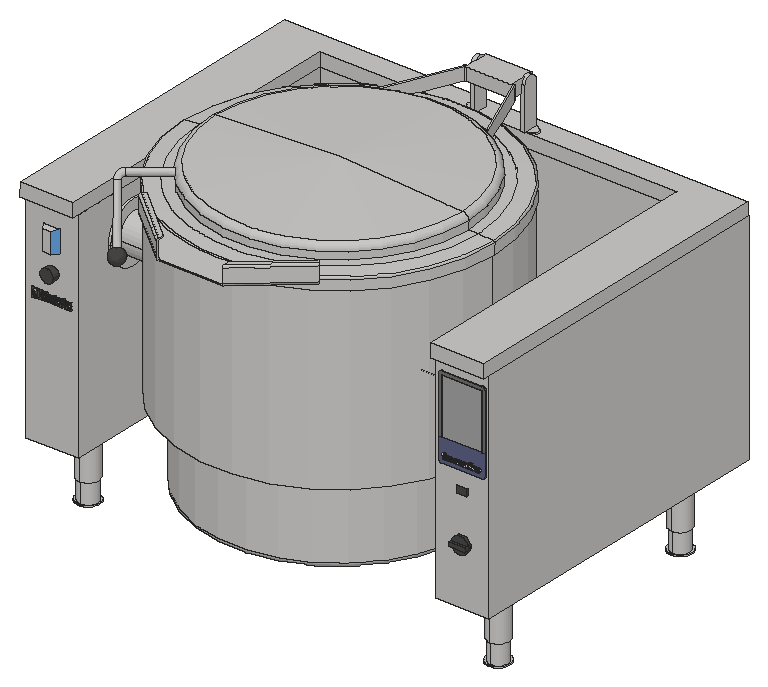
Revit family "QF_ELECTROLUXPROFESSIONAL_587162_PBOT20RDIO", category Attrezzature speciali, Revit 2020
Family settings
  Quota connettore circolare = Usa diametro
  Tipo di parte = Normale
  Basato su piano di lavoro = No
  Sempre verticale = Sì
  Taglio con vuoti quando caricato = No
  Condiviso = No
  Punto di calcolo locali = No
Parameters (values of type "Standard")
  Weight = 400.00 kg
  Watts = 30600 W
  Volts = 440 V
  URL Manufacturer = "https://www.electroluxprofessional.com/"
  URL = "https://www.electroluxprofessional.com/"
  Steam Supply Size = 0 mm
  Steam Supply Minimum Pressure = 0.0 Pa
  Steam Supply Maximum Pressure = 0.0 Pa
  Steam Consumption per Hour = 0
  Refrigeration Suction Line Size = 0.0 mm
  Refrigeration Liquid Line Size = 0.0 mm
  Refrigerant Compressor Remote = yes
  Prospetto di default = 0.0 mm
  Produttore = "Electrolux Professional"
  Phase = 3
  Modello = "PBOT20RDIO"
  Length Actual = 1400.0 mm  # constant formula
  Item Number = "587162"
  Hot Water Size = 12.7 mm
  Height Actual = 700.0 mm  # constant formula
  HP = "41 HP"
  Gas Size = 0 mm
  Gas KW = 0
  Gas Input Pressure = 0 W
  Direct Waste Size = 0 mm
  Descrizione = "ELECTRIC BOILING PAN, PREARR. FOR STIRRER, TILTING,200L,FS,440V,MARINE"
  Depth Actual = 1000.0 mm  # constant formula
  Cycle = 50 Hz
  Condensate Return Size = 0 mm
  Compressed Air Volume = 0.0 L/s
  Compressed Air Size = 0 mm
  Compressed Air Pressure = 0.0 Pa
  Cold Water Size = 12.7 mm
  Accessory = yes
Reference planes
  plane 1 "Center (Front/Back)": y = 0
  plane 2: z = 0
  plane 3 "Center (Left/Right)": x = 0
  plane 4 "LEFT": x = -700
  plane 5 "RIGHT": x = 700
  plane 6 "BACK": y = 500
  plane 7 "FRONT": y = -500
  plane 8 "Base": z = 200
  plane 9 "TOP": z = 900
  plane 10: x = -540
  plane 11: x = 540
  plane 12 "Axe_PentolaY": y = -280
  plane 13 "AxePentolaZ": z = 730
  plane 14 "PLANE_TOP": z = 860
  plane 15: y = 430
  plane 16: x = -465
  plane 17 "PentolaH1": z = 970
  plane 18 "PentolaH2": z = 430
  plane 19 "Pentola_H3": z = 160
  plane 20: x = -405
  plane 21: y = -734
  plane 22 "CentroPentolaY": y = -170
  plane 23 "TopCoperchio": z = 1071
  plane 24 "Versamento": z = 1002
  plane 25 "V1": through (-269.804, -566.187, 4000) normal (-0.7071, -0.7071, 0)
  plane 26 "V2": through (187.211, -659.95, 4000) normal (-0.6561, 0.7547, 0)
  plane 27 "Gfront": y = -1400
  plane 28 "LEVEL": through (-433.899, -446.4, 4000) normal (0.6535, 0.7569, 0)
  plane 29 "GRight": x = 250
  plane 30 "GLeft": x = -250
  plane 31: z = 2047
  plane 32 "Ribaltamento": y = -835
  plane 33: x = -620
  plane 34: x = 620
  plane 35 "AttaccoManiglia": z = 1028
  plane 36 "GBack": y = -200
  plane 37: through (0, -170, 4000) normal (0.6157, -0.788, 0)
Forms (mm)
  Revolve 1, solid, material "QF_Finishes_Stainless Steel"
    sketch origin (0, 0, 730) x (-1, 0, 0) y (0, -1, 0)
      loop
        line (540, 280) -> (-540, 280) -> (-540, 190) -> (-530, 190) -> (-530, 222) -> (530, 222) -> (530, 190) -> (540, 190) -> (540, 280)
      axis (540, 280) -> (-540, 280)
    angle from 0 to 360
  Extrusion 2, solid, material "QF_Finishes_Stainless Steel"
    sketch origin (0, 0, 860) x (-1, 0, 0) y (0, -1, 0)
      loop
        line (700, 500) -> (540, 500) -> (540, -430) -> (-540, -430) -> (-540, 500) -> (-700, 500) -> (-700, -500) -> (700, -500) -> (700, 500)
    from 0 to 40
  Extrusion 3, solid, material "QF_Finishes_Stainless Steel"
    sketch origin (0, 0, 860) x (-1, 0, 0) y (0, -1, 0)
      loop
        line (540, -430) -> (-540, -430) -> (-540, -500) -> (540, -500) -> (540, -430)
    from 0 to -360
  Revolve 4, solid, material "QF_Finishes_Stainless Steel"
    sketch origin (0, -170, 0) x (-1, 0, 0) y (0, 0, 1)
      loop
        line (0, 970) -> (0, 160)
        arc (0, 160) -> (194.987, 166.243) -> (389.172, 184.97) r 3042.07
        arc (389.172, 184.97) -> (400.002, 186.598) -> (405, 196.343) r 12
        line (405, 196.343) -> (405, 430) -> (465, 430) -> (465, 970) -> (0, 970)
      axis (0, 970) -> (0, 160)
    angle from 0 to 360
  Revolve 5, solid, material "QF_Finishes_Stainless Steel"
    sketch origin (0, -170, 0) x (-1, 0, 0) y (0, 0, 1)
      loop
        line (470, 970) -> (470, 1000.417)
        arc (470, 1000.417) -> (468.783, 1004.04) -> (465.626, 1006.193) r 6
        line (465.626, 1006.193) -> (421, 1010) -> (390, 1010) -> (390, 1031.999)
        arc (390, 1031.999) -> (384.849, 1045.397) -> (372.049, 1051.894) r 20
        arc (372.049, 1051.894) -> (186.27, 1066.22) -> (0, 1071) r 3631.929
        line (0, 1071) -> (0, 970) -> (470, 970)
      axis (0, 1071) -> (0, 970)
    angle from 0 to 360
  Extrusion 6, solid, material "QF_Finishes_Stainless Steel"
    sketch origin (0, 0, 1002) x (-1, 0, 0) y (0, -1, 0)
      loop
        line (91.591, 734) -> (-92.97, 734) -> (-268.11, 581.753) -> (-253.963, 565.478)
        arc (-253.963, 565.478) -> (0.647, 640) -> (255.051, 564.777) r 470
        line (255.051, 564.777) -> (268.273, 581.464) -> (91.591, 734)
    from 0 to 3
  Sweep 7, solid, material "QF_Finishes_Stainless Steel"
    path origin (0, 0, 1002) x (-1, 0, 0) y (0, -1, 0)
      loop
        line (-83.331, 750.252) -> (-272.008, 586.237)
    profile origin (177.669, -668.244, 1002) x (-0.656059, 0.75471, 0) y (0, 0, 1)
      loop
        arc (0, 6) -> (1.757, 1.757) -> (6, 0) r 6
        line (6, 0) -> (19, 0) -> (19, 3) -> (6, 3)
        arc (6, 3) -> (3.879, 3.879) -> (3, 6) r 3
        line (3, 6) -> (3, 50)
        arc (3, 50) -> (3.879, 52.121) -> (6, 53) r 3
        line (6, 53) -> (19, 53) -> (19, 56) -> (6, 56)
        arc (6, 56) -> (1.757, 54.243) -> (0, 50) r 6
        line (0, 50) -> (0, 6)
  Extrusion 8, solid, material "QF_Finishes_Stainless Steel"
    sketch origin (0, 0, 0) x (0, 1, 0) y (0, 0, 1)
      loop
        line (470, 900) -> (470, 1026.813)
        arc (470, 1026.813) -> (450, 1046.813) -> (430, 1026.813) r 20
        line (430, 1026.813) -> (430, 900) -> (470, 900)
    from -70 to -82
  Extrusion 9, solid, material "QF_Finishes_Stainless Steel"
    sketch origin (0, 0, 900) x (0, 1, 0) y (-1, 0, 0)
      loop
        arc (391.221, 74.165) -> (393.445, 72.322) -> (394.279, 69.557) r 5
        line (394.279, 69.557) -> (394.279, -69.557)
        arc (394.279, -69.557) -> (393.445, -72.322) -> (391.221, -74.165) r 5
        line (391.221, -74.165) -> (185.222, -160.989) -> (181.486, -168.991) -> (394.012, -78.4)
        arc (394.012, -78.4) -> (397.863, -74.931) -> (399.459, -70) r 10
        line (399.459, -70) -> (470, -70) -> (470, 70) -> (399.459, 70)
        arc (399.459, 70) -> (397.863, 74.931) -> (394.012, 78.4) r 10
        line (394.012, 78.4) -> (182.094, 167.719) -> (184.906, 161.122) -> (391.221, 74.165)
    from 102 to 141.895
  Extrusion 10, solid, material "QF_Finishes_Stainless Steel"
    sketch origin (0, 0, 0) x (0, 1, 0) y (0, 0, 1)
      loop
        line (470, 900) -> (470, 1026.813)
        arc (470, 1026.813) -> (450, 1046.813) -> (430, 1026.813) r 20
        line (430, 1026.813) -> (430, 900) -> (470, 900)
    from 70 to 82
  Extrusion 11, solid, material "QF_Finishes_Stainless Steel"
    sketch origin (0, 0, 900) x (0, 1, 0) y (-1, 0, 0)
      loop
        arc (441.973, -103.927) -> (450, -108.689) -> (458.027, -103.927) r 9.146
        line (458.027, -103.927) -> (470, -82) -> (430, -82) -> (441.973, -103.927)
      loop
        line (441.973, 103.927) -> (430, 82) -> (470, 82) -> (458.027, 103.927)
        arc (458.027, 103.927) -> (450, 108.689) -> (441.973, 103.927) r 9.146
    from 0 to 3
  Extrusion 12, solid, material "QF_Door-Drawer Clearances", detail levels coarse
    sketch origin (0, 0, 0) x (0, 1, 0) y (0, 0, 1)
      loop
        line (-734, 1008) -> (-734, 1058)
        arc (-734, 1058) -> (-830.288, 669.084) -> (-635, 319.241) r 545.673
        line (-635, 319.241) -> (-635, 970) -> (-640, 970) -> (-640, 1002) -> (-729.757, 1002)
        spline (-729.757, 1002) -> (-730.311, 1002.051) -> (-730.855, 1002.204) -> (-731.381, 1002.457) -> (-731.879, 1002.804) -> (-732.34, 1003.24) -> (-732.757, 1003.757) -> (-733.123, 1004.347) -> (-733.432, 1005) -> (-733.677, 1005.704) -> (-733.855, 1006.447) -> (-733.964, 1007.217) -> (-734, 1008)
    from -100 to 100
  Extrusion 13, void
    sketch origin (0, 0, 1002) x (-1, 0, 0) y (0, -1, 0)
      loop
        line (-100, 734) -> (100, 734) -> (100, 751.601) -> (-100, 751.601) -> (-100, 734)
    from 0 to 71
  Extrusion 14, solid, material "QF_Door-Drawer Clearances", detail levels coarse
    sketch origin (0, 0, 0) x (0, 1, 0) y (0, 0, 1)
      loop
        line (470, 1026.813) -> (470, 1056.062) -> (390.735, 1353.963)
        arc (390.735, 1353.963) -> (344.187, 1589.928) -> (267.311, 1817.823) r 1843.263
        line (267.311, 1817.823) -> (206.507, 2046.341)
        arc (206.507, 2046.341) -> (-460.593, 1748.224) -> (-734, 1070.62) r 976.38
        line (-734, 1070.62) -> (-734, 1056.062) -> (-450, 1056.062)
        arc (-450, 1056.062) -> (-169.5, 1072.082) -> (111, 1056.062) r 2463.707
        line (111, 1056.062) -> (220, 1056.062) -> (220, 1012.644) -> (430, 1012.644) -> (430, 1026.813)
        arc (430, 1026.813) -> (450, 1046.813) -> (470, 1026.813) r 20
    from -100 to 100
  Sweep 15, solid, material "QF_Finishes_Stainless Steel"
    path origin (0, 0, 1002) x (1, 0, 0) y (0, -1, 0)
      loop
        line (-83.331, 750.252) -> (-272.008, 586.237)
    profile origin (-177.669, -668.244, 1002) x (-0.656059, -0.75471, 0) y (0, 0, 1)
      loop
        line (0, 6) -> (0, 50)
        arc (0, 50) -> (-1.757, 54.243) -> (-6, 56) r 6
        line (-6, 56) -> (-19, 56) -> (-19, 53) -> (-6, 53)
        arc (-6, 53) -> (-3.879, 52.121) -> (-3, 50) r 3
        line (-3, 50) -> (-3, 6)
        arc (-3, 6) -> (-3.879, 3.879) -> (-6, 3) r 3
        line (-6, 3) -> (-19, 3) -> (-19, 0) -> (-6, 0)
        arc (-6, 0) -> (-1.757, 1.757) -> (0, 6) r 6
  Extrusion 16, void
    sketch origin (0, 0, 1002) x (-1, 0, 0) y (0, -1, 0)
      loop
        line (100, 710.586) -> (100, 733.997) -> (-100, 733.997) -> (-100, 710.586) -> (100, 710.586)
    from 0 to 56
Cuts and joins
  Extrusion 13 cuts Extrusion 6
  Extrusion 13, Extrusion 16 cuts Sweep 7
  Extrusion 13, Extrusion 16 cuts Sweep 15
  joined: Extrusion 6, Sweep 7, Sweep 15
  Extrusion 13 cuts Extrusion 12
Lines and regions (mm)
  symbolic lines
    curve 1: line (700, 500, 900) -> (-700, 500, 900)
    curve 2: line (700, -500, 900) -> (700, 500, 900)
    curve 3: line (-700, 500, 900) -> (-700, -500, 900)
    curve 4: line (-700, -500, 900) -> (-540, -500, 900)
    curve 5: line (-540, -500, 900) -> (-540, 430, 900)
    curve 6: line (540, 430, 900) -> (540, -500, 900)
    curve 7: line (540, -500, 900) -> (700, -500, 900)
    curve 8: line (-530, -190, 900) -> (-530, -370, 900)
    curve 9: line (-530, -190, 900) -> (-540, -190, 900)
    curve 10: line (-530, -370, 900) -> (-540, -370, 900)
    curve 11: line (530, -190, 900) -> (540, -190, 900)
    curve 12: line (530, -370, 900) -> (540, -370, 900)
    curve 13: line (-70, 399.459, 900) -> (-70, 470, 900)
    curve 14: line (-82, 470, 900) -> (82, 470, 900)
    curve 15: line (70, 470, 900) -> (70, 399.459, 900)
    curve 16: line (272.008, -586.237, 900) -> (102.026, -734, 900)
    curve 17: line (-103.927, 441.973, 900) -> (-82, 430, 900)
    curve 18: arc (-103.927, 458.027, 900) -> (-108.689, 450, 900) -> (-103.927, 441.973, 900) r 9.146
    curve 19: line (-82, 470, 900) -> (-103.927, 458.027, 900)
    curve 20: line (-82, 470, 900) -> (-82, 430, 900)
    curve 21: line (82, 430, 900) -> (82, 470, 900)
    curve 22: line (103.927, 458.027, 900) -> (82, 470, 900)
    curve 23: arc (103.927, 441.973, 900) -> (108.689, 450, 900) -> (103.927, 458.027, 900) r 9.146
    curve 24: line (82, 430, 900) -> (103.927, 441.973, 900)
    curve 29: line (-540, 430, 900) -> (-70, 430, 900)
    curve 30: line (540, 430, 900) -> (70, 430, 900)
    curve 31: line (-530, -222, 900) -> (-467.115, -222, 900)
    curve 32: line (-530, -338, 900) -> (-438.949, -338, 900)
    curve 33: line (530, -222, 900) -> (466.676, -222, 900)
    curve 53: line (530, -338, 900) -> (439.209, -338, 900)
    curve 55: line (530, -370, 1002) -> (530, -190, 1002)
    curve 56: circle (0, -170, 1002) r 427.847 normal (0, 0, 1)
    curve 57: arc (-70, 399.459, 1002) -> (-74.931, 397.863, 1002) -> (-78.4, 394.012, 1002) r 10
    curve 58: arc (-74.165, 391.221, 1002) -> (-72.322, 393.445, 1002) -> (-69.557, 394.279, 1002) r 5
    curve 59: arc (69.557, 394.279, 1002) -> (72.322, 393.445, 1002) -> (74.165, 391.221, 1002) r 5
    curve 60: arc (78.4, 394.012, 1002) -> (74.931, 397.863, 1002) -> (70, 399.459, 1002) r 10
    curve 61: line (-69.557, 394.279, 1002) -> (69.557, 394.279, 1002)
    curve 62: line (-160.989, 185.222, 1002) -> (-74.165, 391.221, 1002)
    curve 63: line (-78.4, 394.012, 1002) -> (-167.719, 182.094, 1002)
    curve 64: line (74.165, 391.221, 1002) -> (160.989, 185.222, 1002)
    curve 65: line (168.991, 181.486, 1002) -> (78.4, 394.012, 1002)
    curve 66: arc (470, -170, 1002) -> (0, 300, 1002) -> (-470, -170, 1002) r 470
    curve 67: circle (0, -170, 1002) r 390 normal (0, 0, 1)
    curve 68: arc (-470, -170, 1002) -> (-445.318, -320.307, 1002) -> (-373.864, -454.826, 1002) r 470
    curve 69: line (-255.051, -564.777, 1002) -> (-272.008, -586.237, 1002)
    curve 70: line (272.008, -586.237, 1002) -> (253.963, -565.478, 1002)
    curve 71: line (-272.008, -586.237, 1002) -> (-100, -734.738, 1002)
    curve 72: line (-260.216, -571.313, 1002) -> (-100, -710.586, 1002)
    curve 73: line (259.543, -571.897, 1002) -> (100, -710.586, 1002)
    curve 74: line (-100, -710.586, 1002) -> (-100, -734.738, 1002)
    curve 75: line (100, -710.586, 1002) -> (100, -733.997, 1002)
    curve 76: arc (-362.785, -468.809, 1002) -> (158.731, -612.385, 1002) -> (470, -170, 1002) r 470
  symbolic lines, style "SpecialityEquipmentHiddenLines"
    curve 25: line (-250, -1400, 900) -> (250, -1400, 900)
    curve 26: line (-250, -200, 900) -> (-250, -1400, 900)
    curve 27: line (250, -1400, 900) -> (250, -200, 900)
    curve 50: line (0, -1265.484, 900) -> (0, -1235.484, 900)
    curve 51: line (-15, -1250.484, 900) -> (15, -1250.484, 900)
    curve 54: line (250, -200, 1002) -> (-250, -200, 1002)
  symbolic lines, style "SpecialityEquipment"
    curve 28: circle (0, -1250.484, 900) r 15 normal (0, 0, 1)
    curve 34: line (210, -1400, 900) -> (210, -1200, 900)
    curve 35: line (170, -1400, 900) -> (170, -1240, 900)
    curve 36: line (130, -1400, 900) -> (130, -1280, 900)
    curve 37: line (90, -1400, 900) -> (90, -1320, 900)
    curve 38: line (90, -1360, 900) -> (250, -1360, 900)
    curve 39: line (130, -1320, 900) -> (250, -1320, 900)
    curve 40: line (170, -1280, 900) -> (250, -1280, 900)
    curve 41: line (210, -1240, 900) -> (250, -1240, 900)
    curve 42: line (-210, -1400, 900) -> (-210, -1200, 900)
    curve 43: line (-170, -1400, 900) -> (-170, -1240, 900)
    curve 44: line (-130, -1400, 900) -> (-130, -1280, 900)
    curve 45: line (-90, -1400, 900) -> (-90, -1320, 900)
    curve 46: line (-90, -1360, 900) -> (-250, -1360, 900)
    curve 47: line (-130, -1320, 900) -> (-250, -1320, 900)
    curve 48: line (-170, -1280, 900) -> (-250, -1280, 900)
    curve 49: line (-210, -1240, 900) -> (-250, -1240, 900)
    curve 52: line (-100.772, -734, 900) -> (102.026, -734, 900)
Dimensions and locks
  plane 4 "LEFT" to plane 5 "RIGHT" = 1400.0 mm
  equal spacing: plane 4 "LEFT", plane 3 "Center (Left/Right)", plane 5 "RIGHT"
  equal spacing: plane 6 "BACK", plane 1 "Center (Front/Back)", plane 7 "FRONT"
  plane 6 "BACK" to plane 7 "FRONT" = 1000.0 mm
  plane 8 "Base" to level = 200.0 mm
  plane 9 "TOP" to level = 900.0 mm
  plane 9 "TOP" to plane 8 "Base" = 700.0 mm
  locked: plane 4 "LEFT" to plane 10 at 160
  locked: plane 11 to plane 5 "RIGHT" at 160
  locked: plane 6 "BACK" to plane 12 "Axe_PentolaY" at 780
  locked: plane 13 "AxePentolaZ" to plane 8 "Base" at 530
  locked: Revolve 1 sketch curve to Revolve 1 sketch curve at 58
  locked: Revolve 1 sketch curve to Revolve 1 sketch curve at 90
  locked: plane 10 to Revolve 1 sketch curve at 10
  locked: Revolve 1 sketch curve to plane 11 at 10
  locked: plane 9 "TOP" to plane 14 "PLANE_TOP" at 40
  plane 6 "BACK" to plane 15 = 70.0 mm
  locked: plane 17 "PentolaH1" to plane 13 "AxePentolaZ" at 240
  locked: plane 13 "AxePentolaZ" to plane 18 "PentolaH2" at 300
  locked: plane 18 "PentolaH2" to plane 19 "Pentola_H3" at 270
  locked: plane 3 "Center (Left/Right)" to plane 16 at 465
  locked: plane 3 "Center (Left/Right)" to plane 20 at 405
  Revolve 5 sketch curve to plane 17 "PentolaH1" = 40.0 mm
  locked: plane 16 to Revolve 5 sketch curve at 5
  plane 6 "BACK" to plane 21 = 1234.0 mm
  locked: plane 6 "BACK" to plane 22 "CentroPentolaY" at 670
  locked: plane 23 "TopCoperchio" to plane 9 "TOP" at 171
  locked: plane 24 "Versamento" to level at 1002
  plane 6 "BACK" to plane 27 "Gfront" = 1900.0 mm
  locked: plane 30 "GLeft" to plane 3 "Center (Left/Right)" at 250
  locked: plane 3 "Center (Left/Right)" to plane 29 "GRight" at 250
  plane 31 to plane 9 "TOP" = 1147.0 mm
  plane 6 "BACK" to plane 32 "Ribaltamento" = 1335.0 mm
  equal spacing: plane 10, plane 33, plane 4 "LEFT"
  equal spacing: plane 5 "RIGHT", plane 34, plane 11
  locked: plane 35 "AttaccoManiglia" to level at 1028
  plane 6 "BACK" to plane 36 "GBack" = 700.0 mm
  aligned and locked: level to plane 2
  aligned and locked: plane 5 "RIGHT" to nested 2
  aligned and locked: plane 4 "LEFT" to nested 1
  aligned and locked: plane 8 "Base" to nested 1
  aligned and locked: plane 8 "Base" to nested 2
  aligned and locked: plane 6 "BACK" to nested 2
  aligned and locked: plane 6 "BACK" to nested 1
  aligned and locked: plane 10 to Revolve 1 sketch curve
  aligned and locked: plane 11 to Revolve 1 sketch curve
  aligned and locked: plane 4 "LEFT" to Extrusion 2 sketch curve
  aligned and locked: Extrusion 2 sketch curve to plane 10
  aligned and locked: plane 7 "FRONT" to Extrusion 2 sketch curve  (x2)
  aligned and locked: Extrusion 2 sketch curve to plane 5 "RIGHT"
  aligned and locked: plane 11 to Extrusion 2 sketch curve
  aligned and locked: Extrusion 2 sketch curve to plane 6 "BACK"
  aligned and locked: plane 15 to Extrusion 2 sketch curve
  aligned and locked: Extrusion 3 sketch curve to plane 10
  aligned and locked: plane 6 "BACK" to Extrusion 3 sketch curve
  aligned and locked: plane 11 to Extrusion 3 sketch curve
  aligned and locked: Extrusion 3 sketch curve to plane 15
  aligned and locked: plane 3 "Center (Left/Right)" to Revolve 4 sketch curve
  aligned and locked: Revolve 4 sketch curve to plane 20
  aligned and locked: Revolve 4 sketch curve to plane 18 "PentolaH2"
  aligned and locked: Revolve 4 sketch curve to plane 16
  aligned and locked: plane 17 "PentolaH1" to Revolve 4 sketch curve
  aligned and locked: Revolve 5 sketch curve to plane 17 "PentolaH1"
  aligned and locked: Extrusion 8 sketch curve to plane 15
  aligned and locked: Extrusion 8 sketch curve to Extrusion 2
  aligned and locked: curve 25 to plane 27 "Gfront"
  aligned and locked: curve 26 to plane 30 "GLeft"
  aligned and locked: plane 29 "GRight" to curve 27
  aligned and locked: plane 33 to nested 3
  aligned and locked: plane 34 to nested 4
  aligned and locked: plane 36 "GBack" to curve 54
Automatic sketch dimensions
  plane 12 "Axe_PentolaY" to Revolve 1 sketch curve = 0.0 mm
  Revolve 1 sketch curve to plane 12 "Axe_PentolaY" = 0.0 mm
  plane 36 "GBack" to Revolve 1 sketch curve = 10.0 mm
  plane 5 "RIGHT" to Revolve 1 sketch curve = 432.098 mm
  Revolve 1 sketch curve to plane 4 "LEFT" = 580.148 mm
  Revolve 4 sketch curve to plane 3 "Center (Left/Right)" = 0.0 mm
  Revolve 4 sketch curve to plane 19 "Pentola_H3" = 0.0 mm
  Revolve 4 sketch curve to plane 3 "Center (Left/Right)" = 0.201 mm
  Revolve 4 sketch curve to plane 8 "Base" = 3.657 mm
  Revolve 4 sketch curve to Revolve 4 sketch curve = 12.0 mm
  plane 31 to Revolve 4 sketch curve = 1155.07 mm
  level to Revolve 4 sketch curve = 60.0 mm
  plane 23 "TopCoperchio" to Revolve 4 sketch curve = 179.0 mm
  Extrusion 6 sketch curve to plane 21 = 0.0 mm
  Extrusion 6 sketch curve to plane 3 "Center (Left/Right)" = 0.0 mm
  plane 28 "LEVEL" to Extrusion 6 sketch curve = 6.0 mm  (x2)
  Extrusion 6 sketch curve to plane 22 "CentroPentolaY" = 0.0 mm
  plane 3 "Center (Left/Right)" to Extrusion 6 sketch curve = 92.97 mm
  plane 29 "GRight" to Extrusion 6 sketch curve = 3.963 mm
  plane 29 "GRight" to Extrusion 6 sketch curve = 18.11 mm
  Extrusion 6 sketch curve to plane 30 "GLeft" = 5.051 mm
  Extrusion 6 sketch curve to plane 30 "GLeft" = 18.273 mm
  Extrusion 6 sketch curve to Extrusion 6 sketch curve = 16.687 mm
  Sweep 7 sketch curve to plane 26 "V2" = 0.0 mm  (x2)
  plane 29 "GRight" to Sweep 7 sketch curve = 22.008 mm
  Sweep 7 sketch curve to plane 21 = 16.252 mm
  Sweep 7 sketch curve to Sweep 7 sketch curve = 0.0 mm  (x4)
  Sweep 7 sketch curve to profile plane = 0.0 mm
  plane 24 "Versamento" to Sweep 7 sketch curve = 0.0 mm
  Sweep 7 sketch curve to Sweep 7 sketch curve = 3.0 mm  (x2)
  Sweep 7 sketch curve to profile plane = 6.0 mm
  Sweep 7 sketch curve to Sweep 7 sketch curve = 13.0 mm  (x2)
  Sweep 7 sketch curve to Sweep 7 sketch curve = 44.0 mm
  Extrusion 8 sketch curve to plane 35 "AttaccoManiglia" = 1.187 mm
  Extrusion 8 sketch curve to Extrusion 8 sketch curve = 20.0 mm
  Extrusion 10 sketch curve to plane 9 "TOP" = 0.0 mm
  Extrusion 10 sketch curve to plane 15 = 0.0 mm
  Extrusion 10 sketch curve to plane 35 "AttaccoManiglia" = 1.187 mm
  Extrusion 10 sketch curve to Extrusion 10 sketch curve = 20.0 mm
  Extrusion 11 sketch curve to plane 15 = 0.0 mm  (x2)
  plane 15 to Extrusion 11 sketch curve = 11.973 mm  (x2)
  Extrusion 11 sketch curve to Extrusion 11 sketch curve = 8.027 mm  (x4)
  Extrusion 11 sketch curve to Extrusion 11 sketch curve = 11.973 mm  (x2)
  plane 3 "Center (Left/Right)" to Extrusion 11 sketch curve = 103.927 mm
  Extrusion 11 sketch curve to Extrusion 11 sketch curve = 4.383 mm  (x2)
  Extrusion 11 sketch curve to Extrusion 11 sketch curve = 21.927 mm
  Extrusion 11 sketch curve to plane 3 "Center (Left/Right)" = 82.0 mm
  Extrusion 11 sketch curve to Extrusion 11 sketch curve = 17.543 mm
  Extrusion 13 sketch curve to plane 21 = 0.0 mm
  plane 26 "V2" to Extrusion 13 sketch curve = 132.541 mm
  Extrusion 13 sketch curve to plane 25 "V1" = 142.829 mm
  Extrusion 13 sketch curve to plane 21 = 17.601 mm
  plane 30 "GLeft" to Sweep 15 sketch curve = 22.008 mm
  plane 7 "FRONT" to Sweep 15 sketch curve = 86.237 mm
  plane 21 to Sweep 15 sketch curve = 16.252 mm
  plane 3 "Center (Left/Right)" to Sweep 15 sketch curve = 83.331 mm
  Sweep 15 sketch curve to Sweep 15 sketch curve = 0.0 mm  (x4)
  plane 24 "Versamento" to Sweep 15 sketch curve = 0.0 mm
  Sweep 15 sketch curve to profile plane = 0.0 mm
  profile plane to Sweep 15 sketch curve = 3.0 mm
  Sweep 15 sketch curve to Sweep 15 sketch curve = 3.0 mm  (x2)
  Sweep 15 sketch curve to Sweep 15 sketch curve = 13.0 mm  (x2)
  Sweep 15 sketch curve to Sweep 15 sketch curve = 44.0 mm
  Revolve 5 sketch curve to plane 3 "Center (Left/Right)" = 0.0 mm  (x2)
  Revolve 5 sketch curve to plane 23 "TopCoperchio" = 0.0 mm
  plane 35 "AttaccoManiglia" to Revolve 5 sketch curve = 3.999 mm
  plane 20 to Revolve 5 sketch curve = 35.0 mm
  plane 20 to Revolve 5 sketch curve = 15.0 mm
  Revolve 5 sketch curve to plane 20 = 16.0 mm
  plane 16 to Revolve 5 sketch curve = 1.0 mm
  Revolve 5 sketch curve to plane 16 = 0.626 mm
  Revolve 5 sketch curve to level = 2560.929 mm
  Revolve 5 sketch curve to plane 24 "Versamento" = 1.583 mm
  Revolve 5 sketch curve to plane 18 "PentolaH2" = 95.0 mm
  Revolve 5 sketch curve to Revolve 5 sketch curve = 179.0 mm
  plane 30 "GLeft" to Extrusion 9 sketch curve = 82.281 mm
  Extrusion 9 sketch curve to plane 1 "Center (Front/Back)" = 182.094 mm
  plane 30 "GLeft" to Extrusion 9 sketch curve = 88.878 mm
  Extrusion 9 sketch curve to Extrusion 9 sketch curve = 2.812 mm
  Extrusion 9 sketch curve to plane 15 = 40.721 mm  (x2)
  Extrusion 9 sketch curve to Extrusion 9 sketch curve = 0.194 mm  (x2)
  Extrusion 9 sketch curve to Extrusion 9 sketch curve = 1.748 mm  (x2)
  Extrusion 9 sketch curve to Extrusion 9 sketch curve = 2.792 mm  (x2)
  Extrusion 9 sketch curve to Extrusion 9 sketch curve = 4.806 mm
  Extrusion 9 sketch curve to Extrusion 9 sketch curve = 5.181 mm  (x2)
  Extrusion 9 sketch curve to plane 6 "BACK" = 30.0 mm
  Extrusion 9 sketch curve to plane 3 "Center (Left/Right)" = 78.4 mm
  Extrusion 9 sketch curve to Extrusion 9 sketch curve = 4.235 mm
  Extrusion 9 sketch curve to plane 3 "Center (Left/Right)" = 70.0 mm
  plane 3 "Center (Left/Right)" to Extrusion 9 sketch curve = 69.49 mm
  Extrusion 9 sketch curve to Extrusion 9 sketch curve = 0.067 mm
  plane 3 "Center (Left/Right)" to Extrusion 9 sketch curve = 70.0 mm
  Extrusion 9 sketch curve to plane 1 "Center (Front/Back)" = 181.486 mm
  Extrusion 9 sketch curve to plane 29 "GRight" = 81.009 mm
  Extrusion 9 sketch curve to Extrusion 9 sketch curve = 3.736 mm
  Extrusion 9 sketch curve to plane 29 "GRight" = 89.011 mm
  Extrusion 12 sketch curve to plane 21 = 0.0 mm
  Extrusion 12 sketch curve to plane 24 "Versamento" = 0.0 mm
  Extrusion 12 sketch curve to plane 17 "PentolaH1" = 0.0 mm
  plane 21 to Extrusion 12 sketch curve = 4.243 mm
  plane 21 to Extrusion 12 sketch curve = 94.0 mm
  Extrusion 12 sketch curve to Extrusion 12 sketch curve = 5.0 mm
  Extrusion 12 sketch curve to plane 12 "Axe_PentolaY" = 9.45 mm
  plane 13 "AxePentolaZ" to Extrusion 12 sketch curve = 11.561 mm
  plane 24 "Versamento" to Extrusion 12 sketch curve = 6.0 mm
  plane 8 "Base" to Extrusion 12 sketch curve = 119.241 mm
  Extrusion 14 sketch curve to plane 21 = 0.0 mm
  Extrusion 14 sketch curve to plane 15 = 0.0 mm
  Extrusion 14 sketch curve to plane 27 "Gfront" = 37.099 mm
  Extrusion 14 sketch curve to plane 23 "TopCoperchio" = 14.938 mm  (x3)
  plane 7 "FRONT" to Extrusion 14 sketch curve = 50.0 mm
  plane 22 "CentroPentolaY" to Extrusion 14 sketch curve = 0.5 mm
  Extrusion 14 sketch curve to plane 31 = 0.659 mm
  Extrusion 14 sketch curve to plane 23 "TopCoperchio" = 0.38 mm
  Extrusion 14 sketch curve to Extrusion 14 sketch curve = 22.38 mm
  Extrusion 14 sketch curve to plane 35 "AttaccoManiglia" = 1.187 mm
  Extrusion 14 sketch curve to Extrusion 14 sketch curve = 20.0 mm
  plane 24 "Versamento" to Extrusion 14 sketch curve = 10.644 mm
  Extrusion 14 sketch curve to level = 1391.625 mm
  plane 23 "TopCoperchio" to Extrusion 14 sketch curve = 44.965 mm
  Extrusion 14 sketch curve to plane 15 = 162.689 mm
  Extrusion 14 sketch curve to plane 15 = 39.265 mm
  Extrusion 14 sketch curve to plane 1 "Center (Front/Back)" = 206.507 mm
  plane 23 "TopCoperchio" to Extrusion 14 sketch curve = 282.963 mm
  curve 56 to curve 67 = 0.0 mm
  curve 56 to curve 68 = 0.0 mm
  curve 66 to curve 67 = 0.0 mm
  curve 67 to curve 68 = 0.0 mm
  curve 66 to plane 22 "CentroPentolaY" = 0.0 mm
  curve 70 to plane 26 "V2" = 0.0 mm
  curve 54 to plane 29 "GRight" = 0.0 mm
  curve 56 to plane 3 "Center (Left/Right)" = 0.0 mm
  curve 54 to plane 30 "GLeft" = 0.0 mm
  curve 65 to plane 15 = 35.988 mm
  plane 3 "Center (Left/Right)" to curve 65 = 78.4 mm
  curve 60 to curve 64 = 4.235 mm
  curve 59 to curve 59 = 4.607 mm
  curve 59 to curve 60 = 0.067 mm
  curve 57 to plane 3 "Center (Left/Right)" = 69.49 mm
  curve 57 to curve 61 = 0.067 mm
  curve 62 to plane 15 = 38.779 mm
  curve 57 to curve 62 = 4.675 mm
  curve 63 to plane 15 = 35.988 mm
  curve 62 to curve 63 = 4.235 mm
  plane 21 to curve 72 = 23.414 mm
  curve 72 to plane 3 "Center (Left/Right)" = 100.0 mm
  curve 69 to plane 30 "GLeft" = 22.008 mm
  curve 61 to curve 62 = 3.058 mm
  curve 60 to curve 64 = 2.792 mm
  curve 57 to curve 58 = 0.194 mm
  curve 60 to curve 59 = 0.194 mm
  curve 71 to plane 7 "FRONT" = 86.237 mm
  curve 74 to plane 21 = 0.738 mm
  plane 29 "GRight" to curve 70 = 3.963 mm
  curve 73 to curve 70 = 5.58 mm
  curve 70 to curve 73 = 12.465 mm
  curve 55 to plane 11 = 10.0 mm
  curve 65 to plane 29 "GRight" = 81.009 mm
  curve 65 to curve 64 = 8.002 mm
  plane 21 to curve 75 = 0.003 mm
  plane 3 "Center (Left/Right)" to curve 75 = 100.0 mm
  plane 21 to curve 73 = 23.414 mm
  curve 60 to curve 61 = 0.443 mm
  curve 61 to curve 57 = 0.443 mm
  plane 30 "GLeft" to curve 62 = 89.011 mm
  curve 62 to curve 63 = 6.73 mm
  curve 69 to plane 30 "GLeft" = 5.051 mm
  curve 69 to curve 72 = 5.164 mm
  curve 64 to plane 1 "Center (Front/Back)" = 185.222 mm
  plane 36 "GBack" to curve 55 = 10.0 mm
  curve 55 to plane 12 "Axe_PentolaY" = 90.0 mm
  plane 21 to Extrusion 16 sketch curve = 23.414 mm
  plane 3 "Center (Left/Right)" to Extrusion 16 sketch curve = 100.0 mm
  plane 21 to Extrusion 16 sketch curve = 0.003 mm
  Extrusion 16 sketch curve to plane 3 "Center (Left/Right)" = 100.0 mm
  curve 56 to curve 66 = 0.0 mm
  curve 56 to curve 76 = 0.0 mm
  plane 7 "FRONT" to curve 76 = 31.191 mm
  curve 76 to curve 68 = 11.079 mm
  curve 50 to plane 3 "Center (Left/Right)" = 0.0 mm
  curve 28 to plane 3 "Center (Left/Right)" = 0.0 mm
  curve 52 to plane 21 = 0.0 mm
  curve 16 to plane 26 "V2" = 0.0 mm
  curve 6 to plane 7 "FRONT" = 0.0 mm
  curve 4 to plane 4 "LEFT" = 0.0 mm
  curve 4 to plane 7 "FRONT" = 0.0 mm
  curve 10 to plane 10 = 0.0 mm
  curve 12 to plane 11 = 0.0 mm
  curve 27 to plane 36 "GBack" = 0.0 mm
  curve 26 to plane 36 "GBack" = 0.0 mm
  curve 6 to plane 15 = 0.0 mm
  curve 29 to plane 15 = 0.0 mm
  curve 2 to plane 5 "RIGHT" = 0.0 mm
  curve 2 to plane 6 "BACK" = 0.0 mm
  curve 52 to plane 26 "V2" = 0.0 mm
  plane 28 "LEVEL" to curve 52 = 0.0 mm
  plane 27 "Gfront" to curve 28 = 149.516 mm
  plane 10 to curve 10 = 10.0 mm
  curve 10 to plane 12 "Axe_PentolaY" = 90.0 mm
  plane 36 "GBack" to curve 9 = 10.0 mm
  plane 15 to curve 24 = 11.973 mm
  plane 15 to curve 17 = 11.973 mm
  curve 23 to curve 23 = 8.027 mm
  curve 18 to curve 18 = 8.027 mm
  curve 23 to curve 22 = 8.027 mm
  curve 18 to curve 19 = 8.027 mm
  curve 22 to curve 14 = 11.973 mm
  plane 3 "Center (Left/Right)" to curve 24 = 103.927 mm
  curve 22 to curve 23 = 4.383 mm
  curve 22 to curve 22 = 21.927 mm
  curve 14 to plane 3 "Center (Left/Right)" = 82.0 mm
  curve 14 to curve 18 = 17.543 mm
  curve 18 to curve 19 = 4.383 mm
  curve 25 to curve 46 = 40.0 mm
  curve 25 to curve 38 = 40.0 mm
  curve 38 to curve 39 = 40.0 mm
  curve 46 to curve 45 = 40.0 mm
  curve 47 to curve 45 = 0.0 mm
  curve 37 to curve 39 = 0.0 mm
  curve 47 to curve 48 = 40.0 mm
  curve 39 to curve 40 = 40.0 mm
  curve 36 to curve 40 = 0.0 mm
  curve 48 to curve 44 = 0.0 mm
  curve 50 to curve 28 = 15.0 mm
  curve 28 to curve 51 = 0.0 mm
  curve 40 to curve 41 = 40.0 mm
  curve 48 to curve 49 = 40.0 mm
  curve 49 to curve 43 = 0.0 mm
  curve 35 to curve 41 = 0.0 mm
  curve 41 to curve 34 = 40.0 mm
  curve 49 to curve 42 = 40.0 mm
  plane 29 "GRight" to curve 16 = 22.008 mm
  curve 12 to plane 11 = 10.0 mm
  curve 12 to plane 12 "Axe_PentolaY" = 90.0 mm
  curve 53 to plane 11 = 10.0 mm
  curve 12 to curve 53 = 32.0 mm
  plane 16 to curve 32 = 26.051 mm
  curve 32 to plane 12 "Axe_PentolaY" = 58.0 mm
  curve 31 to plane 36 "GBack" = 22.0 mm
  curve 33 to plane 36 "GBack" = 22.0 mm
  plane 36 "GBack" to curve 11 = 10.0 mm
  curve 15 to plane 15 = 30.541 mm
  curve 13 to plane 15 = 30.541 mm
  curve 11 to plane 11 = 10.0 mm
  curve 33 to plane 11 = 10.0 mm
  curve 33 to curve 33 = 63.324 mm
  curve 53 to curve 53 = 90.791 mm
  curve 34 to plane 29 "GRight" = 40.0 mm
  curve 41 to curve 40 = 40.0 mm
  curve 40 to curve 39 = 40.0 mm
  curve 36 to curve 38 = 40.0 mm
  curve 21 to curve 30 = 12.0 mm
  curve 13 to curve 17 = 12.0 mm
  curve 45 to plane 3 "Center (Left/Right)" = 90.0 mm
  curve 45 to curve 44 = 40.0 mm
  curve 44 to curve 48 = 40.0 mm
  curve 43 to curve 49 = 40.0 mm
  curve 31 to plane 16 = 2.115 mm
  radius of curve 56 = 427.847 mm
Nested families
  nested 1: "QF_ELECTROLUXPROFESSIONAL_PBOT1000_LEFT" at (-620, 0, 0), type "QF_ELECTROLUXPROFESSIONAL_PBOT1000_LEFT"
    with Body Finish QF_Finishes_Stainless Steel
  nested 2: "QF_ELECTROLUXPROFESSIONAL_PBOT1000_RIGHT" at (620, 0, 0), type "QF_ELECTROLUXPROFESSIONAL_PBOT1000_RIGHT"
    with Body Finish QF_Finishes_Stainless Steel
  nested 3: "QF_ELECTROLUXPROFESSIONAL_2FEET_THL_120x1000H200" at (-620, 10, 0), type "QF_ELECTROLUXPROFESSIONAL_2FEET_THL_120x1000H200"
  nested 4: "QF_ELECTROLUXPROFESSIONAL_2FEET_THL_120x1000H200" at (620, 10, 0), type "QF_ELECTROLUXPROFESSIONAL_2FEET_THL_120x1000H200"
  nested 5: "QF_ELECTROLUXPROFESSIONAL_PBOT1000_LEVEL1" at (-331.753, -433.409, 1028) x (0.788, 0.6157, 0) z (0, 0, 1), type "QF_ELECTROLUXPROFESSIONAL_PBOT1000_LEVEL1"
Connectors
  piping at (-650, 503, 395), diameter 12.7, driven by "Hot Water Size"
    settings: on nested 1, index 1, connector inside diameter 609.6 mm, connector length 0.0 mm, flow factor 0, pipe flow 0.0 L/s, pressure drop 0.0 Pa, fitting loss kfactor 0, connector angle 0.00°, fixture units 0, engagement length 0.0 mm, angle of deflection 0.00°, flow configuration 1, flow direction 1, fitting loss method 0, system type 19, joint type 0, gender type 0, connector reference index -1, connector utility 0, adjustable connector no, is connector primary yes, connector description "Hot Water Inlet"
  piping at (-590, 503, 395), diameter 12.7, driven by "Cold Water Size"
    settings: on nested 1, index 2, connector inside diameter 609.6 mm, connector length 0.0 mm, flow factor 0, pipe flow 0.0 L/s, pressure drop 0.0 Pa, fitting loss kfactor 0, connector angle 0.00°, fixture units 0, engagement length 0.0 mm, angle of deflection 0.00°, flow configuration 1, flow direction 1, fitting loss method 0, system type 20, joint type 0, gender type 0, connector reference index -1, connector utility 0, adjustable connector no, is connector primary no, connector description "Cold Water Inlet"
  electrical at (620, 500, 450), driven by "Volts"
    settings: on nested 2, index 3, voltage 440 V, apparent load 0 VA, apparent load phase1 0 VA, apparent load phase2 0 VA, apparent load phase3 0 VA, power factor 1, load classification "Other", number of poles 1, system type 30, power factor state 1, is connector primary yes, connector utility no, sub classification motor no, connector description "Electrical Connection"
Definition of nested family "QF_ELECTROLUXPROFESSIONAL_PBOT1000_LEFT"
  Parameters
    Width = 160.0 mm
    Right = Width / 2  # 80.0 mm
    Default Elevation = 0.0 mm
    Left = -Width / 2  # -80.0 mm
    Htop = 40.0 mm
    Height = 900.0 mm
    HW_CW_y = 312.0 mm
    HW_CW_Border = 50.0 mm
    HBase = 200.0 mm
    Depth = 1000.0 mm
    BorderFront = 20.0 mm
    Body Finish [instance] = none
  Reference planes
    plane 1 "Center (Front/Back)": y = 0
    plane 2: z = 0
    plane 3 "Center (Left/Right)": x = 0
    plane 4 "LEFT": x = -80
    plane 5 "RIGHT": x = 80
    plane 6 "BACK": y = 500
    plane 7 "FRONT": y = -500
    plane 8 "Base": z = 200
    plane 9 "TOP": z = 900
    plane 10 "BorderFront": y = -480
    plane 11: z = 860
    plane 12 "HW_CW": y = 188
    plane 13: x = -30
    plane 14: x = 30
  Forms (mm)
    Extrusion 1, solid
      sketch origin (0, 0, 0) x (1, 0, 0) y (0, 1, 0)
        loop
          line (-80, 500) -> (-80, -480) -> (80, -480) -> (80, 500) -> (-80, 500)
      from 860 to 200
    Extrusion 2, solid
      sketch origin (-1.5, -480, 0) x (-1, 0, 0) y (0, 0, 1)
        loop
          circle (-1.5, 673.484) r 20
      from 0 to -20
    Extrusion 3, solid, material <- "Body Finish"
      sketch origin (0, 500, 0) x (-1, 0, 0) y (0, 0, 1)
        loop
          circle (30, 395) r 6.35
        loop
          circle (-30, 395) r 6.35
      from 3 to 0
    Blend 4, solid, material <- "Body Finish"
      base sketch origin (0, -480, -0.233) x (-1, 0, 0) y (0, 0, 1)
        loop
          line (23.5, 800.233) -> (-23.5, 800.233) -> (-23.5, 733.433) -> (23.5, 733.433) -> (23.5, 800.233)
      top sketch origin (0, -480, -0.233) x (-1, 0, 0) y (0, 0, 1)
        loop
          line (13.448, 797.45) -> (-13.448, 797.45) -> (-13.448, 736.216) -> (13.448, 736.216) -> (13.448, 797.45)
      from 0 to -20
    Extrusion 5, solid
      sketch origin (-12.54, -480, 23) x (-1, 0, 0) y (0, 0, 1)
        loop
          line (5.327, 593.058) -> (5.327, 590.846) -> (11.437, 590.846) -> (11.437, 587.616) -> (5.692, 587.616) -> (5.692, 585.398) -> (11.437, 585.398) -> (11.437, 583.444)
          arc (11.437, 583.444) -> (10.839, 582.088) -> (9.435, 581.614) r 1.838
          line (9.435, 581.614) -> (5.163, 581.614) -> (5.163, 579.403) -> (9.986, 579.403)
          arc (9.986, 579.403) -> (12.674, 580.517) -> (13.788, 583.205) r 3.802
          line (13.788, 583.205) -> (13.788, 593.058) -> (5.327, 593.058)
        loop
          line (3.492, 593.058) -> (1.141, 593.058) -> (1.141, 579.403) -> (3.492, 579.403) -> (3.492, 593.058)
        loop
          line (-47.588, 593.058) -> (-49.941, 593.058) -> (-49.941, 579.403) -> (-47.588, 579.403) -> (-47.588, 593.058)
        loop
          arc (-2.749, 583.764) -> (-3.194, 582.272) -> (-4.489, 581.409) r 2.29
          arc (-4.489, 581.409) -> (-6.614, 581.225) -> (-8.443, 582.322) r 3.458
          line (-8.443, 582.322) -> (-9.836, 580.928)
          arc (-9.836, 580.928) -> (-7.685, 579.48) -> (-5.119, 579.102) r 5.86
          arc (-5.119, 579.102) -> (-1.823, 580.467) -> (-0.457, 583.764) r 4.662
          arc (-0.457, 583.764) -> (-1.495, 587.706) -> (-5.131, 589.55) r 4.976
          arc (-5.131, 589.55) -> (-9.259, 588.004) -> (-10.466, 583.764) r 4.89
          line (-10.466, 583.764) -> (-2.749, 583.764)
        loop
          arc (-2.808, 585.417) -> (-3.843, 587.066) -> (-5.727, 587.557) r 2.64
          arc (-5.727, 587.557) -> (-7.36, 586.981) -> (-8.104, 585.417) r 2.256
          line (-8.104, 585.417) -> (-2.808, 585.417)
        loop
          arc (-19.634, 586.402) -> (-17.741, 587.437) -> (-15.609, 587.112) r 3.369
          arc (-15.609, 587.112) -> (-14.276, 585.699) -> (-14.118, 583.764) r 2.933
          arc (-14.118, 583.764) -> (-16.389, 581.316) -> (-19.559, 582.365) r 3.088
          line (-19.559, 582.365) -> (-21.028, 580.896)
          arc (-21.028, 580.896) -> (-14.811, 579.611) -> (-11.775, 585.186) r 5.33
          arc (-11.775, 585.186) -> (-13.576, 588.365) -> (-17.009, 589.62) r 5.293
          arc (-17.009, 589.62) -> (-19.259, 589.219) -> (-21.111, 587.878) r 5.117
          line (-21.111, 587.878) -> (-19.634, 586.402)
        loop
          line (-22.556, 593.058) -> (-24.908, 593.058) -> (-24.908, 589.279) -> (-27.044, 589.279) -> (-27.044, 587.143) -> (-24.908, 587.143) -> (-24.908, 583.764)
          arc (-24.908, 583.764) -> (-25.11, 582.682) -> (-25.866, 581.883) r 1.949
          arc (-25.866, 581.883) -> (-26.455, 581.649) -> (-27.088, 581.601) r 2.118
          line (-27.088, 581.601) -> (-27.088, 579.397)
          arc (-27.088, 579.397) -> (-24.962, 579.678) -> (-23.283, 581.013) r 4.018
          arc (-23.283, 581.013) -> (-22.759, 582.327) -> (-22.556, 583.727) r 6.031
          line (-22.556, 583.727) -> (-22.556, 593.058)
        loop
          line (-31.355, 584.595) -> (-31.355, 579.403) -> (-29.023, 579.403) -> (-29.023, 589.279) -> (-31.355, 589.279) -> (-31.355, 587.855)
          arc (-31.355, 587.855) -> (-32.932, 589.208) -> (-35.001, 589.403) r 3.432
          line (-35.001, 589.403) -> (-35.001, 587.143)
          arc (-35.001, 587.143) -> (-33.417, 587.175) -> (-32.009, 586.452) r 3.231
          arc (-32.009, 586.452) -> (-31.523, 585.579) -> (-31.355, 584.595) r 2.967
        loop
          circle (-40.752, 584.339) r 5.233
        loop
          circle (-40.752, 584.339) r 3.172
        loop
          line (-58.424, 583.516) -> (-58.424, 589.279) -> (-60.794, 589.279) -> (-60.794, 583.417)
          arc (-60.794, 583.417) -> (-59.481, 580.276) -> (-56.268, 579.153) r 4.181
          arc (-56.268, 579.153) -> (-53.09, 580.243) -> (-51.74, 583.32) r 4.181
          line (-51.74, 583.32) -> (-51.74, 589.279) -> (-54.111, 589.279) -> (-54.111, 583.516)
          arc (-54.111, 583.516) -> (-54.692, 581.919) -> (-56.268, 581.283) r 2.088
          arc (-56.268, 581.283) -> (-57.843, 581.919) -> (-58.424, 583.516) r 2.088
        loop
          line (-62.216, 589.279) -> (-64.76, 589.279) -> (-66.89, 586.347) -> (-69.053, 589.279) -> (-71.621, 589.279) -> (-68.238, 584.695) -> (-71.937, 579.4) -> (-69.425, 579.4) -> (-66.898, 582.879) -> (-64.408, 579.4) -> (-61.879, 579.4) -> (-65.631, 584.642) -> (-62.216, 589.279)
        loop
          arc (12.465, 573.743) -> (10.91, 572.325) -> (12.18, 570.647) r 1.561
          line (12.18, 570.647) -> (13.314, 570.647) -> (13.314, 569.021) -> (14.34, 569.021) -> (14.34, 573.743) -> (12.465, 573.743)
        loop
          line (12.224, 571.575) -> (13.314, 571.575) -> (13.314, 572.789) -> (12.224, 572.789)
          arc (12.224, 572.789) -> (11.836, 572.182) -> (12.224, 571.575) r 0.668
        loop
          arc (5.055, 573.743) -> (3.966, 573.299) -> (3.497, 572.221) r 1.559
          arc (3.497, 572.221) -> (3.646, 571.544) -> (4.091, 571.012) r 1.458
          line (4.091, 571.012) -> (3.163, 569.021) -> (4.265, 569.021) -> (4.944, 570.647) -> (5.937, 570.647) -> (5.937, 569.021) -> (6.963, 569.021) -> (6.963, 573.743) -> (5.055, 573.743)
        loop
          line (5.937, 572.789) -> (4.847, 572.789)
          arc (4.847, 572.789) -> (4.459, 572.182) -> (4.847, 571.575) r 0.668
          line (4.847, 571.575) -> (5.937, 571.575) -> (5.937, 572.789)
        loop
          circle (-2.866, 571.382) r 2.453
        loop
          circle (-2.866, 571.382) r 1.557
        loop
          line (-9.35, 573.743) -> (-12.299, 573.743) -> (-12.299, 572.725) -> (-10.352, 572.725) -> (-10.352, 571.729) -> (-12.129, 571.729) -> (-12.129, 570.671) -> (-10.352, 570.671) -> (-10.352, 569.021) -> (-9.35, 569.021) -> (-9.35, 573.743)
        loop
          line (-16.282, 573.743) -> (-19.27, 573.743) -> (-19.27, 572.851) -> (-17.252, 572.851) -> (-17.252, 571.921) -> (-19.139, 571.921) -> (-19.139, 571.029) -> (-17.252, 571.029)
          arc (-17.252, 571.029) -> (-17.355, 570.353) -> (-17.883, 569.916) r 0.961
          line (-17.883, 569.916) -> (-19.316, 569.916) -> (-19.316, 569.024) -> (-17.792, 569.024)
          arc (-17.792, 569.024) -> (-16.717, 569.474) -> (-16.282, 570.555) r 1.51
          line (-16.282, 570.555) -> (-16.282, 573.743)
        loop
          line (-33.381, 573.145) -> (-32.842, 572.436)
          arc (-32.842, 572.436) -> (-32.43, 572.802) -> (-31.895, 572.931) r 1.135
          arc (-31.895, 572.931) -> (-31.448, 572.574) -> (-31.757, 572.093) r 0.427
          arc (-31.757, 572.093) -> (-32.293, 571.892) -> (-32.815, 571.659) r 9.371
          arc (-32.815, 571.659) -> (-33.228, 571.39) -> (-33.551, 571.017) r 1.779
          arc (-33.551, 571.017) -> (-33.7, 570.209) -> (-33.41, 569.439) r 1.535
          arc (-33.41, 569.439) -> (-32.755, 569.091) -> (-32.028, 568.946) r 2.556
          arc (-32.028, 568.946) -> (-31.439, 569.005) -> (-30.895, 569.238) r 1.957
          arc (-30.895, 569.238) -> (-30.416, 569.671) -> (-30.118, 570.245) r 1.815
          line (-30.118, 570.245) -> (-30.944, 570.63)
          arc (-30.944, 570.63) -> (-31.179, 570.219) -> (-31.563, 569.943) r 1.118
          arc (-31.563, 569.943) -> (-32.007, 569.83) -> (-32.453, 569.935) r 0.963
          arc (-32.453, 569.935) -> (-32.693, 570.417) -> (-32.345, 570.828) r 0.489
          arc (-32.345, 570.828) -> (-31.793, 571.095) -> (-31.211, 571.289) r 4.78
          arc (-31.211, 571.289) -> (-30.52, 572.116) -> (-30.631, 573.188) r 1.385
          arc (-30.631, 573.188) -> (-31.232, 573.642) -> (-31.964, 573.821) r 1.872
          arc (-31.964, 573.821) -> (-32.756, 573.658) -> (-33.381, 573.145) r 1.69
        loop
          line (-37.714, 573.743) -> (-38.684, 573.743) -> (-38.684, 569.024) -> (-37.714, 569.024) -> (-37.714, 573.743)
        loop
          circle (-45.226, 571.384) r 1.468
        loop
          circle (-45.226, 571.384) r 2.451
        loop
          line (-51.736, 569.024) -> (-51.736, 573.743) -> (-52.679, 573.743) -> (-54.838, 570.686) -> (-54.838, 573.743) -> (-55.818, 573.743) -> (-55.818, 569.024) -> (-54.875, 569.024) -> (-52.716, 571.991) -> (-52.716, 569.024) -> (-51.736, 569.024)
        loop
          line (-60.71, 569.024) -> (-59.668, 569.024) -> (-61.514, 573.743) -> (-62.424, 573.743) -> (-64.417, 569.024) -> (-63.375, 569.024) -> (-62.915, 570.042) -> (-61.17, 570.042) -> (-60.71, 569.024)
        loop
          line (-62.48, 571.01) -> (-61.558, 571.01) -> (-62.012, 572.047) -> (-62.48, 571.01)
        loop
          line (-69.237, 569.916) -> (-71.051, 569.916) -> (-71.051, 569.024) -> (-68.266, 569.024) -> (-68.266, 573.743) -> (-69.237, 573.743) -> (-69.237, 569.916)
        loop
          line (-26.307, 573.145) -> (-25.768, 572.436)
          arc (-25.768, 572.436) -> (-25.356, 572.802) -> (-24.821, 572.931) r 1.135
          arc (-24.821, 572.931) -> (-24.373, 572.574) -> (-24.683, 572.093) r 0.427
          arc (-24.683, 572.093) -> (-25.218, 571.892) -> (-25.74, 571.659) r 9.371
          arc (-25.74, 571.659) -> (-26.153, 571.39) -> (-26.476, 571.017) r 1.779
          arc (-26.476, 571.017) -> (-26.625, 570.209) -> (-26.336, 569.439) r 1.535
          arc (-26.336, 569.439) -> (-25.681, 569.091) -> (-24.953, 568.946) r 2.556
          arc (-24.953, 568.946) -> (-24.365, 569.005) -> (-23.821, 569.238) r 1.957
          arc (-23.821, 569.238) -> (-23.341, 569.671) -> (-23.044, 570.245) r 1.815
          line (-23.044, 570.245) -> (-23.87, 570.63)
          arc (-23.87, 570.63) -> (-24.105, 570.219) -> (-24.488, 569.943) r 1.118
          arc (-24.488, 569.943) -> (-24.933, 569.83) -> (-25.379, 569.935) r 0.963
          arc (-25.379, 569.935) -> (-25.619, 570.417) -> (-25.27, 570.828) r 0.489
          arc (-25.27, 570.828) -> (-24.718, 571.095) -> (-24.137, 571.289) r 4.78
          arc (-24.137, 571.289) -> (-23.445, 572.116) -> (-23.556, 573.188) r 1.385
          arc (-23.556, 573.188) -> (-24.158, 573.642) -> (-24.889, 573.821) r 1.872
          arc (-24.889, 573.821) -> (-25.681, 573.658) -> (-26.307, 573.145) r 1.69
        loop
          arc (28.462, 593.245) -> (19.282, 580.828) -> (28.462, 568.412) r 12.987
          line (28.462, 568.412) -> (28.462, 593.245)
        loop
          line (29.418, 593.324) -> (29.418, 591.35)
          arc (29.418, 591.35) -> (32.835, 584.89) -> (39.417, 581.715) r 11.707
          line (39.417, 581.715) -> (45.017, 581.715)
          arc (45.017, 581.715) -> (39.886, 591.105) -> (29.418, 593.324) r 12.809
        loop
          line (29.725, 570.21) -> (29.725, 568.093)
          arc (29.725, 568.093) -> (40.061, 570.682) -> (45.028, 580.108) r 13.06
          line (45.028, 580.108) -> (40.92, 580.108)
          arc (40.92, 580.108) -> (33.58, 577.129) -> (29.725, 570.21) r 11.93
        loop
          line (45.971, 594.6) -> (18.333, 594.6) -> (18.333, 567) -> (45.971, 567) -> (45.971, 594.6)
      from -1.6 to 0
    Extrusion 6, solid
      sketch origin (0, 0, 200) x (0, 1, 0) y (-1, 0, 0)
        loop
          circle (188, 30) r 5
        loop
          circle (188, -30) r 5
      from 0 to -3
  Lines and regions (mm)
    symbolic lines
      curve 1: line (80, 500, 0) -> (-80, 500, 0)
      curve 2: line (-80, 500, 0) -> (-80, -480, 0)
  Dimensions and locks
    "Width": plane 4 "LEFT" to plane 5 "RIGHT"
    equal spacing: plane 4 "LEFT", plane 3 "Center (Left/Right)", plane 5 "RIGHT"
    equal spacing: plane 6 "BACK", plane 1 "Center (Front/Back)", plane 7 "FRONT"
    "Depth": plane 6 "BACK" to plane 7 "FRONT"
    "BorderFront": plane 10 "BorderFront" to plane 7 "FRONT"
    "Htop": plane 9 "TOP" to plane 11
    "Height": plane 9 "TOP" to level
    "HBase": plane 8 "Base" to level
    "HW_CW_y": plane 6 "BACK" to plane 12 "HW_CW"
    "HW_CW_Border": plane 4 "LEFT" to plane 13
    "HW_CW_Border": plane 14 to plane 5 "RIGHT"
    aligned and locked: level to plane 2
    aligned and locked: plane 10 "BorderFront" to Extrusion 1 sketch curve
    aligned and locked: plane 11 to Extrusion 1
    aligned and locked: Extrusion 1 to plane 8 "Base"
    aligned and locked: plane 4 "LEFT" to Extrusion 1 sketch curve
    aligned and locked: Extrusion 1 sketch curve to plane 5 "RIGHT"
    aligned and locked: Extrusion 1 sketch curve to plane 6 "BACK"
  Automatic sketch dimensions
    curve 2 to plane 4 "LEFT" = 0.0 mm
    curve 1 to plane 5 "RIGHT" = 0.0 mm
    curve 2 to plane 10 "BorderFront" = 0.0 mm
    curve 2 to plane 6 "BACK" = 0.0 mm
    Extrusion 2 sketch curve to plane 3 "Center (Left/Right)" = 0.0 mm
    Extrusion 2 sketch curve to plane 11 = 186.516 mm
    plane 3 "Center (Left/Right)" to Extrusion 3 sketch curve = 30.0 mm
    Extrusion 3 sketch curve to plane 3 "Center (Left/Right)" = 30.0 mm
    plane 8 "Base" to Extrusion 3 sketch curve = 195.0 mm
    Extrusion 3 sketch curve to Extrusion 3 sketch curve = 0.0 mm
    plane 3 "Center (Left/Right)" to Blend 4 sketch curve = 23.5 mm
    Blend 4 sketch curve to plane 3 "Center (Left/Right)" = 23.5 mm
    Blend 4 sketch curve to plane 11 = 126.8 mm
    Blend 4 sketch curve to plane 11 = 60.0 mm
    plane 3 "Center (Left/Right)" to Blend 4 sketch curve = 13.448 mm
    Blend 4 sketch curve to plane 3 "Center (Left/Right)" = 13.448 mm
    Blend 4 sketch curve to plane 11 = 124.017 mm
    Blend 4 sketch curve to Blend 4 sketch curve = 61.233 mm
    Extrusion 5 sketch curve to Extrusion 5 sketch curve = 0.0 mm  (x33)
    Extrusion 5 sketch curve to plane 9 "TOP" = 297.6 mm  (x2)
    Extrusion 5 sketch curve to plane 5 "RIGHT" = 20.603 mm
    Extrusion 5 sketch curve to plane 9 "TOP" = 287.721 mm  (x2)
    Extrusion 5 sketch curve to Extrusion 5 sketch curve = 0.317 mm
    Extrusion 5 sketch curve to Extrusion 5 sketch curve = 0.886 mm
    Extrusion 5 sketch curve to Extrusion 5 sketch curve = 2.512 mm
    Extrusion 5 sketch curve to Extrusion 5 sketch curve = 1.815 mm
    Extrusion 5 sketch curve to Extrusion 5 sketch curve = 2.567 mm
    Extrusion 5 sketch curve to Extrusion 5 sketch curve = 0.97 mm  (x3)
    Extrusion 5 sketch curve to plane 9 "TOP" = 292.305 mm
    Extrusion 5 sketch curve to Extrusion 5 sketch curve = 0.815 mm  (x2)
    Extrusion 5 sketch curve to plane 9 "TOP" = 294.121 mm
    Extrusion 5 sketch curve to Extrusion 5 sketch curve = 1.341 mm
    Extrusion 5 sketch curve to plane 9 "TOP" = 290.653 mm
    Extrusion 5 sketch curve to Extrusion 5 sketch curve = 1.348 mm
    Extrusion 5 sketch curve to plane 9 "TOP" = 292.358 mm
    Extrusion 5 sketch curve to Extrusion 5 sketch curve = 1.259 mm
    Extrusion 5 sketch curve to Extrusion 5 sketch curve = 2.13 mm
    Extrusion 5 sketch curve to Extrusion 5 sketch curve = 3.849 mm
    Extrusion 5 sketch curve to Extrusion 5 sketch curve = 2.49 mm
    Extrusion 5 sketch curve to plane 9 "TOP" = 307.976 mm  (x2)
    Extrusion 5 sketch curve to Extrusion 5 sketch curve = 1.043 mm
    Extrusion 5 sketch curve to plane 9 "TOP" = 306.958 mm
    Extrusion 5 sketch curve to Extrusion 5 sketch curve = 0.46 mm  (x2)
    Extrusion 5 sketch curve to plane 9 "TOP" = 305.99 mm
    Extrusion 5 sketch curve to Extrusion 5 sketch curve = 0.435 mm  (x3)
    Extrusion 5 sketch curve to plane 9 "TOP" = 303.257 mm  (x2)
    Extrusion 5 sketch curve to Extrusion 5 sketch curve = 0.055 mm  (x2)
    Extrusion 5 sketch curve to Extrusion 5 sketch curve = 2.544 mm
    Extrusion 5 sketch curve to plane 9 "TOP" = 304.953 mm
    Extrusion 5 sketch curve to Extrusion 5 sketch curve = 0.468 mm
    Extrusion 5 sketch curve to Extrusion 5 sketch curve = 2.528 mm
    Extrusion 5 sketch curve to Extrusion 5 sketch curve = 0.922 mm
    Extrusion 5 sketch curve to Extrusion 5 sketch curve = 0.91 mm
    Extrusion 5 sketch curve to Extrusion 5 sketch curve = 0.388 mm
    Extrusion 5 sketch curve to Extrusion 5 sketch curve = 1.422 mm
    Extrusion 5 sketch curve to Extrusion 5 sketch curve = 1.042 mm
    Extrusion 5 sketch curve to Extrusion 5 sketch curve = 2.371 mm
    Extrusion 5 sketch curve to Extrusion 5 sketch curve = 1.809 mm  (x2)
    Extrusion 5 sketch curve to Extrusion 5 sketch curve = 0.273 mm  (x2)
    Extrusion 5 sketch curve to Extrusion 5 sketch curve = 0.147 mm
    Extrusion 5 sketch curve to Extrusion 5 sketch curve = 5.696 mm
    Extrusion 5 sketch curve to Extrusion 5 sketch curve = 0.943 mm
    Extrusion 5 sketch curve to Extrusion 5 sketch curve = 0.037 mm  (x2)
    Extrusion 5 sketch curve to plane 9 "TOP" = 305.009 mm
    Extrusion 5 sketch curve to Extrusion 5 sketch curve = 2.122 mm
    Extrusion 5 sketch curve to Extrusion 5 sketch curve = 2.372 mm
    Extrusion 5 sketch curve to Extrusion 5 sketch curve = 0.944 mm
    Extrusion 5 sketch curve to Extrusion 5 sketch curve = 1.799 mm
    Extrusion 5 sketch curve to Extrusion 5 sketch curve = 2.353 mm
    Extrusion 5 sketch curve to Extrusion 5 sketch curve = 6.509 mm
    Extrusion 5 sketch curve to Extrusion 5 sketch curve = 6.836 mm
    Extrusion 5 sketch curve to Extrusion 5 sketch curve = 2.068 mm
    Extrusion 5 sketch curve to Extrusion 5 sketch curve = 5.751 mm
    Extrusion 5 sketch curve to Extrusion 5 sketch curve = 0.679 mm
    Extrusion 5 sketch curve to Extrusion 5 sketch curve = 0.728 mm
    Extrusion 5 sketch curve to Extrusion 5 sketch curve = 0.178 mm
    Extrusion 5 sketch curve to Extrusion 5 sketch curve = 4.332 mm
    Extrusion 5 sketch curve to plane 9 "TOP" = 304.564 mm  (x2)
    Extrusion 5 sketch curve to Extrusion 5 sketch curve = 0.539 mm  (x2)
    Extrusion 5 sketch curve to Extrusion 5 sketch curve = 0.634 mm  (x2)
    Extrusion 5 sketch curve to Extrusion 5 sketch curve = 0.036 mm  (x2)
    Extrusion 5 sketch curve to Extrusion 5 sketch curve = 0.114 mm  (x2)
    Extrusion 5 sketch curve to Extrusion 5 sketch curve = 0.807 mm  (x2)
    Extrusion 5 sketch curve to Extrusion 5 sketch curve = 0.007 mm  (x2)
    Extrusion 5 sketch curve to Extrusion 5 sketch curve = 0.156 mm  (x2)
    Extrusion 5 sketch curve to Extrusion 5 sketch curve = 0.005 mm  (x2)
    Extrusion 5 sketch curve to Extrusion 5 sketch curve = 0.083 mm  (x2)
    Extrusion 5 sketch curve to Extrusion 5 sketch curve = 0.13 mm  (x4)
    Extrusion 5 sketch curve to Extrusion 5 sketch curve = 0.009 mm  (x2)
    Extrusion 5 sketch curve to Extrusion 5 sketch curve = 0.159 mm  (x2)
    Extrusion 5 sketch curve to Extrusion 5 sketch curve = 0.075 mm  (x2)
    Extrusion 5 sketch curve to Extrusion 5 sketch curve = 0.025 mm  (x2)
